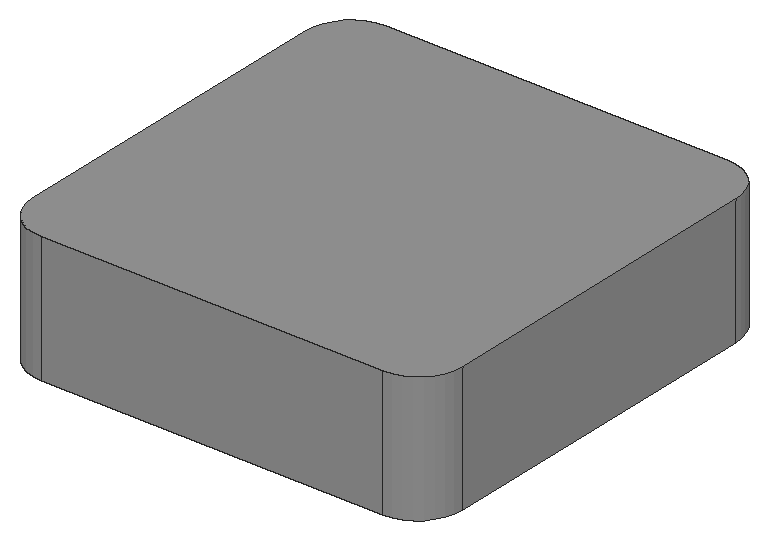
Revit family "AlarmsWirelessGlassBreakSensor", category Security Devices, host Face, Revit 2019
Family settings
  Host = Face
  Maintain Annotation Orientation = Yes
  Round Connector Dimension = Use Diameter
  Part Type = Normal
  Cut with Voids When Loaded = No
  Shared = No
  Room Calculation Point = Yes
Parameters (values of type "BR34")
  Width = Length  # 2.91"
  URL = "https://www.verkada.com/alarms/wireless-intrusion-detection/"
  Type Image = BR34.png
  Model = "BR34"
  Manufacturer = "VERKADA"  # constant formula
  Length = 2.91"
  Height = 0.87"
  Description = "WIRELESS GLASS BREAK SENSOR"
  Default Elevation = 96.0"
  Corner Radius = 0.3"
Reference planes (in)
  plane 1 "Center (Front/Back)": y = 0
  plane 2: z = 0
  plane 3 "Center (Left/Right)": x = 0
  plane 4: x = 1.455
  plane 5: y = 1.455
  plane 6: y = -1.455
  plane 7: x = -1.455
  plane 8: z = 0.87
Forms (in)
  Extrusion 1, solid, material "Verkada White"
    sketch origin (0, 0, 0) x (1, 0, 0) y (0, 1, 0)
      loop
        arc (-1.155, 1.455) -> (-1.36713, 1.36713) -> (-1.455, 1.155) r 0.3
        line (-1.455, 1.155) -> (-1.455, -1.155)
        arc (-1.455, -1.155) -> (-1.36713, -1.36713) -> (-1.155, -1.455) r 0.3
        line (-1.155, -1.455) -> (1.155, -1.455)
        arc (1.155, -1.455) -> (1.36713, -1.36713) -> (1.455, -1.155) r 0.3
        line (1.455, -1.155) -> (1.455, 1.155)
        arc (1.455, 1.155) -> (1.36713, 1.36713) -> (1.155, 1.455) r 0.3
        line (1.155, 1.455) -> (-1.155, 1.455)
    from 0 to 0.87 <- "Height"
  Extrusion 2, void
    sketch origin (0, 0, 0) x (1, 0, 0) y (0, 1, 0)
      loop
        circle (0.22665, 0) r 0.03126
      loop
        arc (-0.13117, 0.15169) -> (-0.15239, 0.14291) -> (-0.16117, 0.12169) r 0.03
        line (-0.16117, 0.12169) -> (-0.16117, -0.12169)
        arc (-0.16117, -0.12169) -> (-0.15239, -0.14291) -> (-0.13117, -0.15169) r 0.03
        line (-0.13117, -0.15169) -> (0.13117, -0.15169)
        arc (0.13117, -0.15169) -> (0.15239, -0.14291) -> (0.16117, -0.12169) r 0.03
        line (0.16117, -0.12169) -> (0.16117, 0.12169)
        arc (0.16117, 0.12169) -> (0.15239, 0.14291) -> (0.13117, 0.15169) r 0.03
        line (0.13117, 0.15169) -> (-0.13117, 0.15169)
      loop
        circle (0.30139, 0) r 0.03126
      loop
        circle (0.2641, 0.06251) r 0.03126
      loop
        circle (0.2641, -0.06251) r 0.03126
      loop
        circle (0.37613, 0) r 0.03126
      loop
        circle (0.33884, 0.06251) r 0.03126
      loop
        circle (0.33884, -0.06251) r 0.03126
      loop
        circle (0.45086, 0) r 0.03126
      loop
        circle (0.41358, 0.06251) r 0.03126
      loop
        circle (0.41358, -0.06251) r 0.03126
      loop
        circle (0.5256, 0) r 0.03126
      loop
        circle (0.48831, 0.06251) r 0.03126
      loop
        circle (0.48831, -0.06251) r 0.03126
      loop
        circle (0.60034, 0) r 0.03126
      loop
        circle (0.56305, 0.06251) r 0.03126
      loop
        circle (0.56305, -0.06251) r 0.03126
      loop
        circle (-0.28959, -0.18692) r 0.03126
      loop
        circle (-0.28959, -0.11219) r 0.03126
      loop
        circle (-0.3521, -0.14947) r 0.03126
      loop
        circle (-0.22708, -0.14947) r 0.03126
      loop
        circle (-0.28959, -0.03745) r 0.03126
      loop
        circle (-0.3521, -0.07474) r 0.03126
      loop
        circle (-0.22708, -0.07474) r 0.03126
      loop
        circle (-0.28959, 0.03729) r 0.03126
      loop
        circle (-0.3521, 0) r 0.03126
      loop
        circle (-0.22708, 0) r 0.03126
      loop
        circle (-0.28959, 0.11202) r 0.03126
      loop
        circle (-0.3521, 0.07474) r 0.03126
      loop
        circle (-0.22708, 0.07474) r 0.03126
      loop
        circle (-0.28959, 0.18676) r 0.03126
      loop
        circle (-0.3521, 0.14947) r 0.03126
      loop
        circle (-0.22708, 0.14947) r 0.03126
      loop
        circle (-0.28959, 0.2615) r 0.03126
      loop
        circle (-0.3521, 0.22421) r 0.03126
      loop
        circle (-0.22708, 0.22421) r 0.03126
      loop
        circle (-0.28959, -0.26166) r 0.03126
      loop
        circle (-0.3521, -0.22421) r 0.03126
      loop
        circle (-0.22708, -0.22421) r 0.03126
    from 0.80031 to 0.91667
Dimensions and locks (in)
  equal spacing: plane 7, plane 3 "Center (Left/Right)", plane 4
  "Width": plane 7 to plane 4
  "Height": plane 8 to level
  equal spacing: plane 6, plane 1 "Center (Front/Back)", plane 5
  "Length": plane 6 to plane 5
  equal spacing: Extrusion 2 sketch curve, plane 3 "Center (Left/Right)", Extrusion 2 sketch curve
  equal spacing: Extrusion 2 sketch curve, plane 1 "Center (Front/Back)", Extrusion 2 sketch curve
  "Corner Radius": radius of Extrusion 1 sketch curve  (x4)
  aligned and locked: plane 2 to host face
  aligned and locked: level to host face
  aligned and locked: plane 5 to Extrusion 1 sketch curve
  aligned and locked: plane 7 to Extrusion 1 sketch curve
  aligned and locked: Extrusion 1 sketch curve to plane 6
  aligned and locked: Extrusion 1 sketch curve to plane 4
Automatic sketch dimensions
  host sketch curve to host sketch curve = 96.0"  (x2)
  plane 1 "Center (Front/Back)" to Extrusion 2 sketch curve = 0.0"  (x8)
  Extrusion 2 sketch curve to plane 3 "Center (Left/Right)" = 0.3521"
  Extrusion 2 sketch curve to Extrusion 2 sketch curve = 0.0"  (x6)
  Extrusion 2 sketch curve to plane 1 "Center (Front/Back)" = 0.07474"
  Extrusion 2 sketch curve to Extrusion 2 sketch curve = 0.06251"  (x15)
  Extrusion 2 sketch curve to Extrusion 2 sketch curve = 0.06591"
  Extrusion 2 sketch curve to Extrusion 2 sketch curve = 0.03"  (x4)
  Extrusion 2 sketch curve to Extrusion 2 sketch curve = 0.06548"
  Extrusion 2 sketch curve to Extrusion 2 sketch curve = 0.03745"  (x17)
  Extrusion 2 sketch curve to Extrusion 2 sketch curve = 0.03729"  (x13)
  plane 1 "Center (Front/Back)" to Extrusion 2 sketch curve = 0.03745"
  plane 1 "Center (Front/Back)" to Extrusion 2 sketch curve = 0.06251"  (x5)
  Extrusion 2 sketch curve to Extrusion 2 sketch curve = 0.04696"
  Extrusion 2 sketch curve to Extrusion 2 sketch curve = 0.02778"  (x2)
  Extrusion 2 sketch curve to plane 1 "Center (Front/Back)" = 0.03729"
  Extrusion 2 sketch curve to plane 1 "Center (Front/Back)" = 0.06251"  (x5)
  radius of Extrusion 2 sketch curve = 0.03126"  (x38)
Nested families (in)
  nested 1: "PlanSymbol_GlassBreakSensor" at (0, 0, 0), type "Standard"
Connectors (in)
  electrical at (0, 0, 0)
    settings: index 2, voltage 0 V, apparent load 0 VA, apparent load phase1 0 VA, apparent load phase2 0 VA, apparent load phase3 0 VA, power factor 1, load classification "Other", number of poles 1, system type 10, power factor state 1, is connector primary yes, connector utility no, sub classification motor no, connector description ""
Definition of nested family "PlanSymbol_GlassBreakSensor"
  Reference planes (in)
    plane 1: y = 0
    plane 2: x = 0
  Lines and regions (in)
    Masking region 1
      outline origin (0, 0, 0) x (1, 0, 0) y (0, 1, 0)
        loop
          line (-0.02882, 0.12973) -> (0.08566, 0.19967) -> (0.11811, 0.2345) -> (-0.11811, 0.2345) -> (-0.08908, 0.19967) -> (-0.02882, 0.12973)
    Masking region 2
      outline origin (0, 0, 0) x (1, 0, 0) y (0, 1, 0)
        loop
          line (-0.03952, 0.03186) -> (-0.03952, 0) -> (0.11811, 0) -> (0.11811, 0.05228) -> (0.0949, 0.07549) -> (-0.02882, 0.12973) -> (-0.03952, 0.03186)
    Masking region 3
      outline origin (0, 0, 0) x (1, 0, 0) y (0, 1, 0)
        loop
          line (-0.02882, 0.12973) -> (0.0949, 0.07549) -> (0.11811, 0.05228) -> (0.11811, 0.2345) -> (0.08566, 0.19967) -> (-0.02882, 0.12973)
    Masking region 4
      outline origin (0, 0, 0) x (1, 0, 0) y (0, 1, 0)
        loop
          line (-0.11811, 0.2345) -> (-0.11811, 0.07332) -> (-0.0916, 0.09982) -> (-0.02882, 0.12973) -> (-0.08908, 0.19967) -> (-0.11811, 0.2345)
    Masking region 5
      outline origin (0, 0, 0) x (1, 0, 0) y (0, 1, 0)
        loop
          line (-0.11811, 0.07332) -> (-0.11811, 0) -> (-0.03952, 0) -> (-0.03952, 0.03186) -> (-0.02882, 0.12973) -> (-0.0916, 0.09982) -> (-0.11811, 0.07332)
